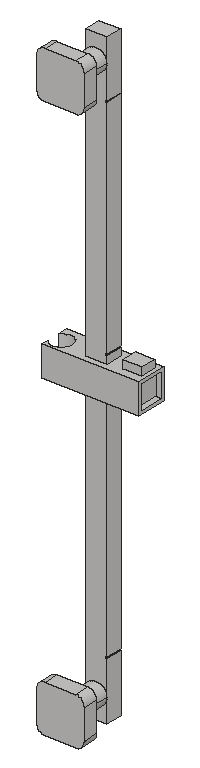
Revit family "SA-2502", category Plumbing Fixtures, Revit 2023
Family settings
  Round Connector Dimension = Use Diameter
  Part Type = Normal
  OmniClass Number = 23.45.00.00
  OmniClass Title = Sanitary, Laundry, and Cleaning Equipment
  Work Plane-Based = No
  Enable Cutting in Views = No
  Always vertical = Yes
  Cut with Voids When Loaded = No
  Maintain Annotation Orientation = No
  Shared = No
  Room Calculation Point = No
Parameters
  Default Elevation = 0"
Reference planes (in)
  plane 1 "Center (Front/Back)": y = 0
  plane 2: z = 0
  plane 3 "Center (Left/Right)": x = 0
  plane 4: z = 28.1875
  plane 5 "Center L/U": x = -1.09375
  plane 6 "Center L/V": x = 1.09375
  plane 7: z = 26
  plane 8: z = 2.1875
  plane 9: z = 14.09375
  plane 10: z = 14.78125
  plane 11: z = 13.40625
  plane 12 "Center L/W": x = -2.21875
  plane 13 "Center L/X": x = 2.21875
  plane 14 "Center L/Y": y = -2.8125
  plane 15: y = -0.38912
  plane 16: y = 0.32963
  plane 17: y = -1.10787
  plane 18: z = 25.53571
  plane 19: z = 2.72321
  plane 20: z = 27.09375
  plane 21: z = 1.09375
Forms (in)
  Extrusion 1, solid, material "stainless steel"
    sketch origin (0, 0, 0) x (1, 0, 0) y (0, 0, 1)
      loop
        arc (-0.69582, 28.1875) -> (-0.9772, 28.07095) -> (-1.09375, 27.78957) r 0.39793
        line (-1.09375, 27.78957) -> (-1.09375, 26.39793)
        arc (-1.09375, 26.39793) -> (-0.9772, 26.11655) -> (-0.69582, 26) r 0.39793
        line (-0.69582, 26) -> (0.69582, 26)
        arc (0.69582, 26) -> (0.9772, 26.11655) -> (1.09375, 26.39793) r 0.39793
        line (1.09375, 26.39793) -> (1.09375, 27.78957)
        arc (1.09375, 27.78957) -> (0.9772, 28.07095) -> (0.69582, 28.1875) r 0.39793
        line (0.69582, 28.1875) -> (-0.69582, 28.1875)
    from 2.14015 to 2.8125
  Extrusion 2, solid, material "stainless steel"
    sketch origin (0, 0, -26) x (1, 0, 0) y (0, 0, 1)
      loop
        arc (-0.69582, 28.1875) -> (-0.9772, 28.07095) -> (-1.09375, 27.78957) r 0.39793
        line (-1.09375, 27.78957) -> (-1.09375, 26.39793)
        arc (-1.09375, 26.39793) -> (-0.9772, 26.11655) -> (-0.69582, 26) r 0.39793
        line (-0.69582, 26) -> (0.69582, 26)
        arc (0.69582, 26) -> (0.9772, 26.11655) -> (1.09375, 26.39793) r 0.39793
        line (1.09375, 26.39793) -> (1.09375, 27.78957)
        arc (1.09375, 27.78957) -> (0.9772, 28.07095) -> (0.69582, 28.1875) r 0.39793
        line (0.69582, 28.1875) -> (-0.69582, 28.1875)
    from 2.14015 to 2.8125
  Extrusion 3, solid, material "stainless steel"
    sketch origin (0, 0, 0) x (1, 0, 0) y (0, 0, 1)
      loop
        line (-0.49125, 28.1875) -> (-0.49125, 0) -> (0.49125, 0) -> (0.49125, 28.1875) -> (-0.49125, 28.1875)
    from 0 to 0.77824
  Extrusion 4, solid, material "stainless steel"
    sketch origin (0, 0, 0) x (1, 0, 0) y (0, 0, 1)
      loop
        circle (0, 27.09375) r 0.49125
    from 0.77824 to 2.14015
  Extrusion 5, solid, material "stainless steel"
    sketch origin (0, 0, -26) x (1, 0, 0) y (0, 0, 1)
      loop
        circle (0, 27.09375) r 0.49125
    from 0.77824 to 2.14015
  Extrusion 6, solid, material "stainless steel"
    sketch origin (0, 0, 0) x (1, 0, 0) y (0, 0, 1)
      loop
        line (-2.21875, 14.78125) -> (-2.21875, 13.40625) -> (2.21875, 13.40625) -> (2.21875, 14.78125) -> (-2.21875, 14.78125)
    from -0.32963 to 1.10787
  Extrusion 7, void
    sketch origin (0, 0, 0) x (0, 1, 0) y (0, 0, 1)
      loop
        line (-0.98287, 13.53125) -> (0.20463, 13.53125) -> (0.20463, 14.65625) -> (-0.98287, 14.65625) -> (-0.98287, 13.53125)
    from 1.93334 to 2.52351
  Extrusion 8, void
    sketch origin (-2.33089, 0, 14.78125) x (0, 1, 0) y (1, 0, 0)
      loop
        circle (-0.47097, 0.5) r 0.5
    from 0 to 1.59022
  Extrusion 9, solid, material "stainless steel"
    sketch origin (0, 0, 0) x (1, 0, 0) y (0, 1, 0)
      loop
        line (2.01381, 0.03911) -> (1.14727, 0.03911) -> (1.14727, -0.67037) -> (2.01381, -0.67037) -> (2.01381, 0.03911)
    from 14.78125 to 15.13628
  Extrusion 10, void
    sketch origin (0, 0, 0) x (1, 0, 0) y (0, 0, 1)
      loop
        line (-0.49125, 25.57561) -> (-0.49125, 25.50475) -> (0.49125, 25.50475) -> (0.49125, 25.57561) -> (-0.49125, 25.57561)
    from 0 to 0.06342
  Extrusion 11, void
    sketch origin (0, 0, 28.26457) x (1, 0, 0) y (0, 0, 1)
      loop
        line (-0.49125, -25.57561) -> (0.49125, -25.57561) -> (0.49125, -25.50475) -> (-0.49125, -25.50475) -> (-0.49125, -25.57561)
    from 0 to 0.06342
  Extrusion 12, void
    sketch origin (0, 0, 0) x (0, 1, 0) y (0, 0, 1)
      loop
        line (-0.06342, 25.57561) -> (-0.77824, 25.57561) -> (-0.77824, 25.50475) -> (-0.06342, 25.50475) -> (-0.06342, 25.57561)
    from 0.44631 to 0.49125
  Extrusion 13, void
    sketch origin (0, 0, 0) x (0, 1, 0) y (0, 0, -1)
      loop
        line (-0.06342, -25.57561) -> (-0.06342, -25.50475) -> (-0.77824, -25.50475) -> (-0.77824, -25.57561) -> (-0.06342, -25.57561)
    from 0.44631 to 0.49125
  Extrusion 14, void
    sketch origin (0, 0, -22.81579) x (0, 1, 0) y (0, 0, 1)
      loop
        line (-0.06342, 25.57561) -> (-0.77824, 25.57561) -> (-0.77824, 25.50475) -> (-0.06342, 25.50475) -> (-0.06342, 25.57561)
    from 0.44631 to 0.49125
  Extrusion 15, void
    sketch origin (0, 0, -22.81579) x (0, 1, 0) y (0, 0, -1)
      loop
        line (-0.06342, -25.57561) -> (-0.06342, -25.50475) -> (-0.77824, -25.50475) -> (-0.77824, -25.57561) -> (-0.06342, -25.57561)
    from 0.44631 to 0.49125
  Extrusion 16, void
    sketch origin (0, 0, -10.38699) x (0, 1, 0) y (0, 0, 1)
      loop
        line (0, 25.57561) -> (-0.77824, 25.57561) -> (-0.77824, 25.50475) -> (0, 25.50475) -> (0, 25.57561)
    from 0.44631 to 0.49125
  Extrusion 17, void
    sketch origin (0, 0, -10.38699) x (1, 0, 0) y (0, 0, 1)
      loop
        line (-0.49125, 25.57561) -> (-0.49125, 25.50475) -> (0.49125, 25.50475) -> (0.49125, 25.57561) -> (-0.49125, 25.57561)
    from 0 to 0.06342
  Extrusion 18, void
    sketch origin (0, 0, -10.38699) x (0, 1, 0) y (0, 0, -1)
      loop
        line (-0.06342, -25.57561) -> (-0.06342, -25.50475) -> (-0.77824, -25.50475) -> (-0.77824, -25.57561) -> (-0.06342, -25.57561)
    from 0.44631 to 0.49125
Cuts and joins
  Extrusion 7, Extrusion 10, Extrusion 11, Extrusion 12, Extrusion 13, Extrusion 14, Extrusion 15, Extrusion 16, Extrusion 17, Extrusion 18 cuts Extrusion 3
  Extrusion 7, Extrusion 8 cuts Extrusion 6
Dimensions and locks (in)
  plane 6 "Center L/V" to plane 5 "Center L/U" = 2 3/16"
  plane 4 to plane 7 = 2 3/16"
  plane 14 "Center L/Y" to plane 1 "Center (Front/Back)" = 2 13/16"
  plane 13 "Center L/X" to plane 12 "Center L/W" = 4 7/16"
  Extrusion 6 to Extrusion 6 = 1 3/8"
  Extrusion 6 to Extrusion 6 = 1 7/16"
  plane 18 to plane 19 = 22 13/16"
  plane 4 to level = 28 3/16"
  plane 21 to plane 20 = 26"
  aligned and locked: level to plane 2
